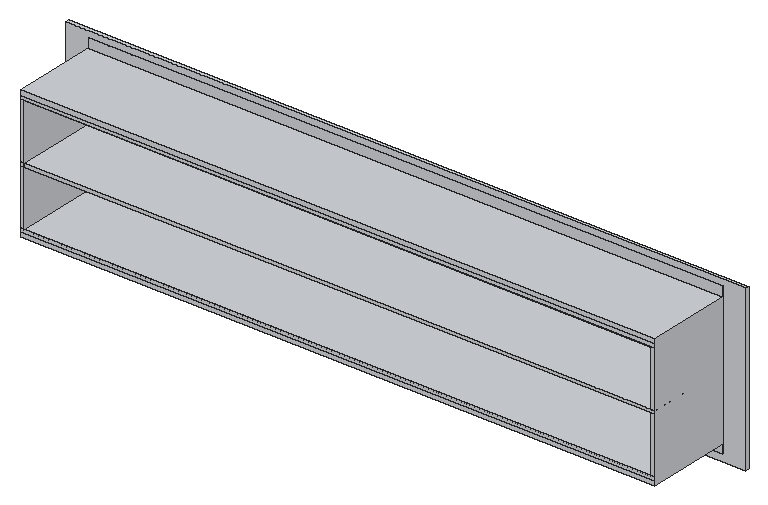
Revit family "НЕВАТОМ_Решетка РЩ-1_20220407", category Воздухораспределители, Revit 2017
Family settings
  Размер круглого соединителя = Использовать диаметр
  Тип детали = Нормальный
  На основе рабочей плоскости = Нет
  Всегда вертикально = Да
  При загрузке вырезать с полостями = Нет
  Общий = Нет
  Точка расчета площади = Нет
Parameters (values of type "РЩ-1")
  Толщина р = 2 mm
  ТП [instance] = "РЕШЕТКА РЩ-1"
  Расход [instance] = 0.0 L/s
  А+20 [instance] = A + 20 mm  # 103 mm
  Nevatom_URL = "https://t.me/NEVATOM_Bim_bot"
  ADSK_Расход воздуха = 0.0 L/s
  ADSK_Размер_Ширина [instance] = 56 mm  # constant formula
  ADSK_Размер_Длина [instance] = B + 29 mm  # 429 mm
  ADSK_Размер_Высота [instance] = A + 20 mm  # 103 mm
  ADSK_Потеря давления воздуха = 0.0 Pa
  ADSK_Материал наименование = "Алюминий"  # constant formula
  A [instance] = 83 mm
  n [instance] = N щелей + 1  # 3
  N щелей [instance] = size_lookup(ТП, "N", 0, A, B)  # 2
  B+29 [instance] = B + 29 mm  # 429 mm
  B [instance] = 400 mm
  ADSK_Примечание = ""
  ADSK_Позиция = ""
  ADSK_Обозначение = ""
  ADSK_Наименование = "РЕШЕТКА РЩ"
  ADSK_Масса_Текст = "кг"
  ADSK_Марка [instance] = size_lookup(ТП, "", "Ошибка типоразмера", A, B)  # "РЩ-1 -2 - 83х400 -RAL 6029"
  ADSK_Код изделия = ""
  ADSK_Завод-изготовитель = "NEVATOM"
  ADSK_Единица измерения = "шт."
Reference planes
  plane 1 "По центру (Вперед/Назад)": y = 0
  plane 2: z = 0
  plane 3 "По центру (Влево/Вправо)": x = 0
  plane 4: y = 2
  plane 5: x = 200
  plane 6: x = -200
  plane 7: x = 214.5
  plane 8: x = -214.5
  plane 9: z = 41.5
  plane 10: z = -41.5
  plane 11: z = 51.5
  plane 12: z = -51.5
  plane 13: y = -54
  plane 14: x = -198
  plane 15: x = 198
  plane 16: z = -36.5
  plane 17: z = 36.5
  plane 18: y = 255.572
  plane 19: y = 217.742
Forms (mm)
  Extrusion 1, solid
    sketch origin (0, 0, 0) x (1, 0, 0) y (0, 0, 1)
      loop
        line (-214.5, 51.5) -> (-214.5, -51.5) -> (214.5, -51.5) -> (214.5, 51.5) -> (-214.5, 51.5)
      loop
        line (-200, 41.5) -> (-200, -41.5) -> (200, -41.5) -> (200, 41.5) -> (-200, 41.5)
    from -2 to 0
  Extrusion 2, solid
    sketch origin (0, 0, 0) x (1, 0, 0) y (0, 0, 1)
      loop
        line (-200, 41.5) -> (-200, -41.5) -> (200, -41.5) -> (200, 41.5) -> (-200, 41.5)
      loop
        line (-198, 36.5) -> (-198, -36.5) -> (198, -36.5) -> (198, 36.5) -> (-198, 36.5)
    from 0 to 54
Dimensions and locks
  equal spacing: plane 6, plane 3 "По центру (Влево/Вправо)", plane 5
  "B+29": plane 8 to plane 7
  equal spacing: plane 8, plane 3 "По центру (Влево/Вправо)", plane 7
  "B": plane 6 to plane 5
  "А+20": plane 11 to plane 12
  equal spacing: plane 11, level, plane 12
  "A": plane 9 to plane 10
  equal spacing: plane 9, level, plane 10
  plane 6 to plane 8 = 14.5 mm
  plane 7 to plane 5 = 14.5 mm
  plane 5 to plane 6 = 400 mm
  plane 7 to plane 8 = 429 mm
  plane 11 to plane 9 = 10 mm
  plane 10 to plane 12 = 10 mm
  "Толщина р": plane 4 to plane 1 "По центру (Вперед/Назад)"
  locked: plane 4 to plane 13 at 56
  plane 9 to plane 10 = 83 mm
  "Толщина р": plane 15 to plane 5
  "Толщина р": plane 6 to plane 14
  locked: plane 9 to plane 17 at 5
  locked: plane 16 to plane 10 at 5
  equal spacing: group 1, group 3, group 2  (x3)
  aligned and locked: level to plane 2
  aligned and locked: Extrusion 1 sketch curve to plane 11
  aligned and locked: plane 8 to Extrusion 1 sketch curve
  aligned and locked: plane 12 to Extrusion 1 sketch curve
  aligned and locked: Extrusion 1 sketch curve to plane 7
  aligned and locked: Extrusion 1 sketch curve to plane 9
  aligned and locked: plane 6 to Extrusion 1 sketch curve
  aligned and locked: plane 10 to Extrusion 1 sketch curve
  aligned and locked: Extrusion 1 sketch curve to plane 5
  aligned and locked: plane 4 to Extrusion 1
  aligned and locked: plane 1 "По центру (Вперед/Назад)" to Extrusion 1
  aligned and locked: Extrusion 2 sketch curve to Extrusion 1  (x4)
  aligned and locked: Extrusion 2 to plane 1 "По центру (Вперед/Назад)"
  aligned and locked: Extrusion 2 to plane 13
  aligned and locked: plane 17 to Extrusion 2 sketch curve
  aligned and locked: plane 14 to Extrusion 2 sketch curve
  aligned and locked: plane 16 to Extrusion 2 sketch curve
  aligned and locked: Extrusion 2 sketch curve to plane 15
  aligned and locked: nested 1 to plane 4
  aligned and locked: plane 4 to nested 1
  aligned and locked: plane 16 to nested 1
  aligned and locked: Extrusion 1 to plane 4
  aligned and locked: plane 17 to nested 2
  aligned and locked: nested 4 to Extrusion 2  (x2)
  aligned and locked: Extrusion 2 to nested 4
Nested families
  nested 1: "Семейство1" at (0, 2, -37.5), type "Семейство1"
    with B решетки 400 mm
  nested 2: "Семейство1" at (0, 2, 37.5), type "Семейство1"
    with B решетки 400 mm
  nested 3: "Семейство1" at (0, 2, 0), type "Семейство1"
    with B решетки 400 mm
  nested 4: "НЕВАТОМ_QR-AxB" at (175, -29, 41.5), type "Nevatom_Logo_50x50", not visible
Connectors
  hvac at (0, 0, 0), driven by "A", driven by "B", driven by "Расход"
    settings: on Extrusion 1, index 1, duct flow 0.0 L/s, flow factor 0, pres drop 0.0 Pa, loss coef 0, conn angle 0.00°, conn width 400 mm, conn height 83 mm, conn diameter 609.6 mm, duct sys type 29, conn prof type 1, flow config 1, flow direction 0, loss method 0, conn ref index -1, conn util no, is conn primary yes, conn desc ""
Definition of nested family "Семейство1"
  Parameters (values of type "Семейство1")
    Ширина р = 20 mm
    Толщина = 2 mm
    Глубина решетки = 56 mm
    B решетки = 100 mm
  Reference planes
    plane 1 "По центру (Вперед/Назад)": y = 0
    plane 2: z = 0
    plane 3 "По центру (Влево/Вправо)": x = 0
    plane 4: y = -56
    plane 5: y = -2
    plane 6: z = 10
    plane 7: z = -10
    plane 8: z = 1
    plane 9: z = -1
    plane 10: x = -50
    plane 11: x = 50
  Forms (mm)
    Extrusion 1, solid
      sketch origin (0, 0, 0) x (0, 1, 0) y (0, 0, 1)
        loop
          line (-56, 1) -> (-56, -1) -> (-2, -1) -> (-2, -10) -> (0, -10) -> (0, 10) -> (-2, 10) -> (-2, 1) -> (-56, 1)
      from -50 to 50
  Dimensions and locks
    equal spacing: plane 10, plane 3 "По центру (Влево/Вправо)", plane 11
    "B решетки": plane 10 to plane 11
    "Глубина решетки": plane 4 to plane 1 "По центру (Вперед/Назад)"
    "Ширина р": plane 6 to plane 7
    equal spacing: plane 6, level, plane 7
    equal spacing: plane 8, level, plane 9
    "Толщина": plane 8 to plane 9
    "Толщина": plane 5 to plane 1 "По центру (Вперед/Назад)"
    aligned and locked: level to plane 2
    aligned and locked: plane 1 "По центру (Вперед/Назад)" to Extrusion 1 sketch curve
    aligned and locked: plane 4 to Extrusion 1 sketch curve
    aligned and locked: plane 7 to Extrusion 1 sketch curve
    aligned and locked: Extrusion 1 sketch curve to plane 6
    aligned and locked: Extrusion 1 to plane 10
    aligned and locked: plane 11 to Extrusion 1
    aligned and locked: Extrusion 1 to plane 5  (x2)
  Automatic sketch dimensions
    Extrusion 1 sketch curve to plane 8 = 0 mm
    Extrusion 1 sketch curve to plane 9 = 0 mm
    Extrusion 1 sketch curve to plane 5 = 0 mm
    plane 5 to Extrusion 1 sketch curve = 0 mm
Definition of nested family "НЕВАТОМ_QR-AxB"
  Parameters (values of type "Nevatom_Logo_25x25")
    Logo_Image = none
    L = 2 mm
    B = A  # 25 mm
    A = 25 mm
  Types (5, lengths in mm): name | B | A
    (no name) | 25 | 25
    Nevatom_Logo_200x200 | 200 | 200
    Nevatom_Logo_100x100 | 100 | 100
    Nevatom_Logo_50x50 | 50 | 50
    Nevatom_Logo_25x25 | 25 | 25
  Reference planes
    plane 1 "По центру (Вперед/Назад)": y = 0
    plane 2: z = 0
    plane 3 "По центру (Влево/Вправо)": x = 0
    plane 4: x = -12.5
    plane 5: x = 12.5
    plane 6: y = 12.5
    plane 7: y = -12.5
  Forms (mm)
    Extrusion 1, solid, material <- "Logo_Image"
      sketch origin (0, 0, 0) x (1, 0, 0) y (0, 1, 0)
        loop
          line (-12.5, 12.5) -> (-12.5, -12.5) -> (12.5, -12.5) -> (12.5, 12.5) -> (-12.5, 12.5)
      from 0 to 2 <- "L"
  Lines and regions (mm)
    reference lines
      curve 1: line (-12.5, 12.5, 0) -> (12.5, 12.5, 0)
      curve 2: line (12.5, 12.5, 0) -> (12.5, -12.5, 0)
      curve 3: line (12.5, -12.5, 0) -> (-12.5, -12.5, 0)
      curve 4: line (-12.5, -12.5, 0) -> (-12.5, 12.5, 0)
  Dimensions and locks
    equal spacing: plane 4, plane 3 "По центру (Влево/Вправо)", plane 5
    "A": plane 4 to plane 5
    equal spacing: plane 6, plane 1 "По центру (Вперед/Назад)", plane 7
    "B": plane 6 to plane 7
    aligned and locked: level to plane 2
    aligned and locked: plane 6 to curve 1
    aligned and locked: plane 4 to curve 4
    aligned and locked: plane 5 to curve 2
    aligned and locked: plane 7 to curve 3
    aligned and locked: Extrusion 1 sketch curve to curve 1
    aligned and locked: Extrusion 1 sketch curve to curve 4
    aligned and locked: Extrusion 1 sketch curve to curve 3
    aligned and locked: Extrusion 1 sketch curve to curve 2
